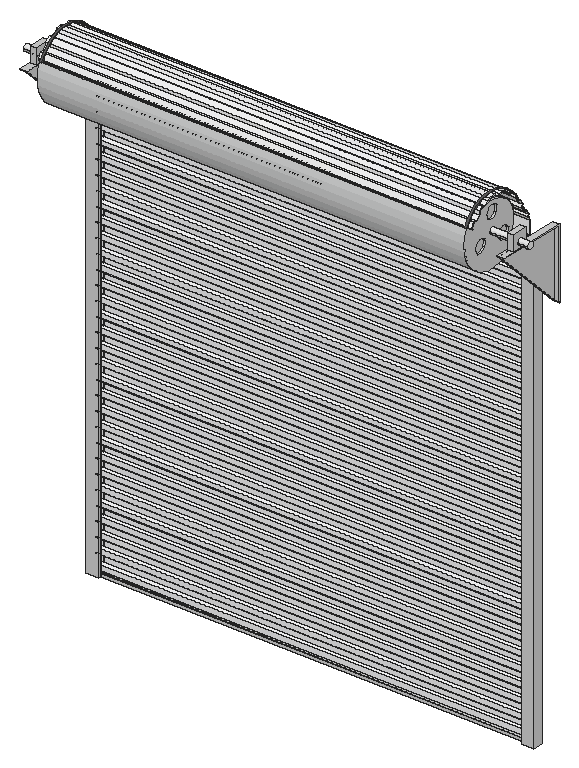
Revit family "Doors_Industrial_Wayne-Dalton_Roll-Up-Sheet-Doors-Model-780-CD_", category Specialty Equipment, host Wall, Revit 2019
Family settings
  Host = Wall
  Round Connector Dimension = Use Diameter
  Part Type = Normal
  OmniClass Number = 23.30.10.21.34
  OmniClass Title = Industrial Doors
  Always vertical = Yes
  Cut with Voids When Loaded = No
  Shared = No
  Room Calculation Point = No
Parameters (values of type "‏​Manual push-up")
  True Opening Width [instance] = Clear Width  # 100"
  True Opening Height [instance] = Clear Height  # 100"
  Slat Height = 3 91/256" * 3  # 10 17/256"
  Product Page URL = "https://www.wayne-dalton.com/roll-up-sheet-door-780cd"
  Slat Length [instance] = [Opening Width (Real)] + 1/4" * 2 + 1 77/256" * 2  # 103 13/128"
  Opening Width [instance] = 100"
  Opening Height [instance] = 100"
  Min Opening Width [instance] = 96"  # constant formula
  Min Opening Height [instance] = 96"  # constant formula
  Max Opening Width [instance] = 192"  # constant formula
  Max Opening Height [instance] = 192"  # constant formula
  Headroom Height [instance] = 22"  # constant formula
  Opening Width (Real) [instance] = if(Opening Width < Min Opening Width, Min Opening Width, if(Opening Width > Max Opening Width, Max Opening Width, Opening Width))  # 100"
  Opening Height (Real) [instance] = if(Opening Height < Min Opening Height, Min Opening Height, if(Opening Height > Max Opening Height, Max Opening Height, Opening Height))  # 100"
  URL = "https://www.wayne-dalton.com/"
  Product data url = "https://www.bimobject.com/wayne-dalton/product/roll-up-sheet-door-780cd"
  Product Guid = "43a41605-6605-48ef-871c-127e65c06177"
  Model = "780CD"  # constant formula
  Manufacturer = "Wayne Dalton"  # constant formula
  Wall Closure = By host
  Floor To (CL) of Shaft [instance] = [Opening Height (Real)] + 13 95/128"  # 113 95/128"
  Finish Material = Metal - Wayne Dalton - Galvanized Steel
  Description = "MODEL 780CD COMMERCIAL ROLLING SHEET DOOR"  # constant formula
  Curtain Material [instance] = Steel - Wayne Dalton - White
  Connection Offset [instance] = [Floor To (CL) of Shaft] - Array Length - 1 3/16" + 1/256"  # 11 229/256"
  Clear Width [instance] = [Opening Width (Real)]  # 100"
  Clear Height [instance] = [Opening Height (Real)]  # 100"
  Chain Hoist = no
  Backroom Depth [instance] = 20"  # constant formula
  Array Length [instance] = (Array) * Slat Height  # 100 85/128"
  Array [instance] = rounddown(([Opening Height (Real)] - 1 3/16" + 11 145/256") / Slat Height)  # 10
Types (2): name | Chain Hoist
  ‏​Manual push-up | no
  Chain Hoist | yes
Reference planes (in)
  plane 1 "Center (Front/Back)": y = 0
  plane 2 "Center (Left/Right)": x = 0
  plane 3 "Left": x = -50
  plane 4 "Right": x = 50
  plane 5 "Exterior": y = 1.5
  plane 6 "Interior": y = -4.5
  plane 7: x = 50
  plane 8: x = -50
  plane 9: z = 100
  plane 10 "Top": z = 122
  plane 11 "Main": y = -5.75
  plane 12: y = -24.5
  plane 13 "Main Door Block": y = -4.5
  plane 14: z = 47.47
  plane 15 "Bottom Bar": z = 1.1875
  plane 16: x = 52.5
  plane 17: x = -52.5
  plane 18: y = -5.253
  plane 19: y = -6.048
  plane 20: z = 101.85156
  plane 21: z = 113.74219
  plane 22: z = 11.25391
Lines and regions (in)
  Opening 1
    outline origin (-90, -4.5, 0) x (1, 0, 0) y (0, 0, 1)
      loop
        line (40, 0) -> (140, 0) -> (140, 100) -> (40, 100) -> (40, 0)
Text (in)
  text "Exterior" at (-74.96733, 27.31104, 0), in view "Ref. Level"
  text "Interior" at (-74.96733, -25.14366, 0), in view "Ref. Level"
  text "Exterior" at (0, 40.15149, 123.01588), in view "Right"
  text "Interior" at (0, -64.39139, 123.01588), in view "Right"
  text "Interior" at (0, -31.01599, 123.00693), in view "Left"
  text "Exterior" at (0, 54.57065, 123.00693), in view "Left"
Dimensions and locks (in)
  equal spacing: plane 3 "Left", plane 2 "Center (Left/Right)", plane 4 "Right"
  level to host wall = 459.59655"
  "Opening Height (Real)": level to plane 9
  plane 8 to plane 2 "Center (Left/Right)" to plane 7 = 50", 50"
  "Headroom Height": plane 9 to plane 10 "Top"
  locked: plane 13 "Main Door Block" to plane 11 "Main" at 1.25
  locked: plane 1 "Center (Front/Back)" to plane 6 "Interior" at 4.5
  locked: plane 8 to plane 17 at 2.5
  locked: plane 16 to plane 7 at 2.5
  locked: plane 5 "Exterior" to plane 1 "Center (Front/Back)" at 1.5
  equal spacing: plane 7, plane 2 "Center (Left/Right)", plane 8
  locked: plane 18 to plane 11 "Main" at 0.497
  "Opening Width (Real)": plane 7 to plane 8
  "Backroom Depth": plane 12 to plane 6 "Interior"
  locked: plane 11 "Main" to plane 19 at 0.298
  plane 19 to plane 11 "Main" = 0.298"
  locked: plane 15 "Bottom Bar" to level at 1.1875
  "Array Length": plane 20 to plane 15 "Bottom Bar"
  "Floor To (CL) of Shaft": plane 21 to level
  "Slat Height": plane 22 to plane 15 "Bottom Bar"
  equal spacing: group 1, group 2, group 3, group 4, group 5, group 6, group 7, group 8, group 9, group 10  (x3)
  plane 21 to plane 9 = 13 95/128"
  locked: plane 12 to nested 3 at 8.418
  locked: plane 12 to nested 13 at 8.257
  aligned and locked: Opening 1 sketch curve to level
  aligned and locked: plane 5 "Exterior" to host wall
  aligned and locked: host wall to plane 6 "Interior"
  aligned and locked: plane 8 to Opening 1 sketch curve
  aligned and locked: plane 7 to Opening 1 sketch curve
  aligned and locked: Opening 1 sketch curve to plane 9
  aligned and locked: plane 13 "Main Door Block" to plane 6 "Interior"
  aligned and locked: plane 21 to nested 3
  aligned and locked: plane 2 "Center (Left/Right)" to nested 3
  aligned and locked: plane 15 "Bottom Bar" to nested 2
  aligned and locked: plane 22 to nested 4
  aligned and locked: plane 19 to nested 2
  aligned and locked: plane 19 to nested 4
  aligned and locked: plane 2 "Center (Left/Right)" to nested 2
  aligned and locked: plane 2 "Center (Left/Right)" to nested 4
  aligned and locked: nested 1 to plane 6 "Interior"
  aligned and locked: level to nested 1
  aligned and locked: nested 1 to plane 2 "Center (Left/Right)"
  aligned and locked: plane 7 to nested 13
  aligned and locked: plane 21 to nested 13
Nested families (in)
  nested 1: "Lifts" at (0, -4.5, 0) x (-1, 0, 0) z (0, 0, 1), type "Frame Unit"
  nested 2: "Slat" at (0, -6.048, 1.1875), type "Slat"
  nested 3: "Top Slat" at (0, -16.082, 113.74219), type "Top Slat"
  nested 4: "Slat" at (0, -6.048, 11.25391), type "Slat"
  nested 5: "Slat" at (0, -6.048, 21.32031), type "Slat"
  nested 6: "Slat" at (0, -6.048, 31.38672), type "Slat"
  nested 7: "Slat" at (0, -6.048, 41.45313), type "Slat"
  nested 8: "Slat" at (0, -6.048, 51.51953), type "Slat"
  nested 9: "Slat" at (0, -6.048, 61.58594), type "Slat"
  nested 10: "Slat" at (0, -6.048, 71.65234), type "Slat"
  nested 11: "Slat" at (0, -6.048, 81.71875), type "Slat"
  nested 12: "Slat" at (0, -6.048, 91.78516), type "Slat"
  nested 13: "Operator" at (50, -16.243, 113.74219), type "Family1"
Definition of nested family "Lifts"
  Parameters (values of type "Frame Unit")
    Shaft Radius = 3/4"  # constant formula
    Shaft Material = none
    Setback = 1/4"  # constant formula
    Right Shaft Offset = 10"
    Resin Support Outter Radius = 8.257"  # constant formula
    Resin Support Inner Radius = 8.187"  # constant formula
    Resin Stopper Radius = 1 1/2"  # constant formula
    Resin Elements Material = none
    Opening Width = 100"
    Resin Muft Offset = 2.141"  # constant formula
    Muft Outter Radius = 8.257"  # constant formula
    Muft Inner Radius = 6 3/8"  # constant formula
    Left Shaft Offset = 10"
    J Offset = 11.743"  # constant formula
    Headroom Height = 22"
    Header Width = 20"
    H = 12.243"  # constant formula
    Guide Width R Real = Guid Width + Setback  # 3 1/4"
    Guide Width L Real = Guid Width + Setback  # 3 1/4"
    Guid Width = 3"  # constant formula
    Opening Height = 100"
    Floor To (CL) of Shaft = Opening Height + 13.742"  # 113.742"
    Finish Material = none
    Analytic Construction = "<None>"
  Reference planes (in)
    plane 1 "Center (Front/Back)": y = 0
    plane 2: z = 0
    plane 3 "Center (Left/Right)": x = 0
    plane 4 "Left": x = -50
    plane 5 "Right": x = 50
    plane 6 "Opening Height": z = 100
    plane 7: x = -60
    plane 8: x = 60
    plane 9: z = 122
    plane 10: y = 20
    plane 11: x = -25
    plane 12: x = 25
    plane 13: z = 113.742
    plane 14: y = 11.743
    plane 15: x = -51.55
    plane 16: x = 51.55
    plane 17: x = 53.25
    plane 18: x = -53.25
    plane 19: z = 112.243
    plane 20: x = 57
    plane 21: x = 50.75
    plane 22: x = -50.75
  Forms (in)
    Extrusion 1, solid, material <- "Finish Material"
      sketch origin (0, 0, 0) x (1, 0, 0) y (0, 1, 0)
        loop
          line (-53.25, 0) -> (-50.375, 0)
          arc (-50.375, 0) -> (-50.28661, 0.03661) -> (-50.25, 0.125) r 0.125
          line (-50.25, 0.125) -> (-50.25, 0.625)
          arc (-50.25, 0.625) -> (-50.26831, 0.66919) -> (-50.3125, 0.6875) r 0.0625
          line (-50.3125, 0.6875) -> (-51.55, 0.6875) -> (-51.55, 1.78125) -> (-50.325, 1.78125)
          arc (-50.325, 1.78125) -> (-50.27197, 1.80322) -> (-50.25, 1.85625) r 0.075
          line (-50.25, 1.85625) -> (-50.25, 2.21875)
          arc (-50.25, 2.21875) -> (-50.28661, 2.30714) -> (-50.375, 2.34375) r 0.125
          line (-50.375, 2.34375) -> (-53.25, 2.34375) -> (-53.25, 0)
        loop
          line (53.25, 0) -> (53.25, 2.34375) -> (50.3625, 2.34375)
          arc (50.3625, 2.34375) -> (50.28295, 2.3108) -> (50.25, 2.23125) r 0.1125
          line (50.25, 2.23125) -> (50.25, 1.85625)
          arc (50.25, 1.85625) -> (50.27197, 1.80322) -> (50.325, 1.78125) r 0.075
          line (50.325, 1.78125) -> (51.55, 1.78125) -> (51.55, 0.6875) -> (50.3125, 0.6875)
          arc (50.3125, 0.6875) -> (50.26831, 0.66919) -> (50.25, 0.625) r 0.0625
          line (50.25, 0.625) -> (50.25, 0.125)
          arc (50.25, 0.125) -> (50.28661, 0.03661) -> (50.375, 0) r 0.125
          line (50.375, 0) -> (53.25, 0)
      from 100 to 0
    Extrusion 2, solid, material <- "Finish Material"
      sketch origin (0, 0, 0) x (0, 1, 0) y (0, 0, 1)
        loop
          line (2.0625, 1) -> (2.0625, 1.1875) -> (1.45087, 1.1875) -> (1.45087, 2.125) -> (-0.15187, 2.125) -> (-0.3125, 1.96437) -> (-0.3125, 1.34813) -> (-0.15187, 1.1875) -> (0, 1.1875) -> (0, 1) -> (2.0625, 1)
      from -51.55 to 51.55
    Extrusion 3, solid, material <- "Finish Material"
      sketch origin (0, 0, 0) x (0, 1, 0) y (0, 0, 1)
        loop
          line (0.73437, 1) -> (0.73437, 0) -> (1.73437, 0) -> (1.73437, 1) -> (0.73437, 1)
      from -51.55 to 51.55
    Extrusion 4, solid, material <- "Shaft Material"
      sketch origin (0, 0, 0) x (0, 1, 0) y (0, 0, 1)
        loop
          circle (11.743, 113.742) r 0.75
      from -60 to 60
    Extrusion 5, solid, material <- "Finish Material"
      sketch origin (-53.25, 0, 100) x (0, 0, 1) y (0, -1, 0)
        loop
          line (12.243, -13.568) -> (15.893, -13.568) -> (15.893, -9.918) -> (12.243, -9.918) -> (12.243, 0) -> (-4.5, 0) -> (12.243, -16.743) -> (12.243, -13.568)
      from -4.25 to -2.75
    Extrusion 6, solid, material <- "Finish Material"
      sketch origin (53.25, 0, 100) x (0, 0, 1) y (0, -1, 0)
        loop
          line (12.243, -13.568) -> (15.893, -13.568) -> (15.893, -9.918) -> (12.243, -9.918) -> (12.243, 0) -> (-4.5, 0) -> (12.243, -16.743) -> (12.243, -13.568)
      from 4.25 to 2.75
    Extrusion 7, void
      sketch origin (0, 0, 0) x (1, 0, 0) y (0, 1, 0)
        loop
          line (50, -0.3125) -> (51.55, -0.3125) -> (51.55, 0.125) -> (50, 0.125) -> (50, -0.3125)
        loop
          line (-50, -0.3125) -> (-50, 0.125) -> (-51.55, 0.125) -> (-51.55, -0.3125) -> (-50, -0.3125)
      from 0 to 2.125
    Extrusion 8, solid, material <- "Finish Material"
      sketch origin (0, 11.743, 113.742) x (0, 0.906308, 0.422618) y (0, -0.422618, 0.906308)
        loop
          arc (6.375, 0) -> (0, 6.375) -> (-6.375, 0) r 6.375
          line (-6.375, 0) -> (-8.257, 0)
          arc (-8.257, 0) -> (0, -8.257) -> (8.257, 0) r 8.257
          line (8.257, 0) -> (6.375, 0)
        loop
          circle (1.658, 3.5556) r 1.625
        loop
          circle (2.25024, -3.21367) r 1.625
        loop
          circle (-3.90824, -0.34193) r 1.625
      from 50.75 to -50.75
    Extrusion 9, solid, material <- "Finish Material"
      sketch origin (0, 0, 0) x (0, 1, 0) y (0, 0, 1)
        loop
          circle (11.743, 113.742) r 6.375
      from -50 to 50
    Extrusion 10, void
      sketch origin (53.25, 0, 100) x (0, 0, 1) y (-1, 0, 0)
        loop
          line (11.963, -3.03) -> (-4.5, -3.03) -> (-4.5, -4.25) -> (11.963, -4.25) -> (11.963, -3.03)
        loop
          line (15.893, -4.25) -> (15.893, -4.1749) -> (12.243, -4.1749) -> (12.243, -4.25) -> (15.893, -4.25)
        loop
          line (15.893, -2.75) -> (12.243, -2.75) -> (12.243, -2.8251) -> (15.893, -2.8251) -> (15.893, -2.75)
      from -0.28 to -16.743
    Extrusion 11, void
      sketch origin (-53.25, 0, 100) x (0, 0, -1) y (-1, 0, 0)
        loop
          line (-11.963, 3.03) -> (4.5, 3.03) -> (4.5, 4.25) -> (-11.963, 4.25) -> (-11.963, 3.03)
        loop
          line (-15.893, 4.25) -> (-15.893, 4.1749) -> (-12.243, 4.1749) -> (-12.243, 4.25) -> (-15.893, 4.25)
        loop
          line (-15.893, 2.75) -> (-12.243, 2.75) -> (-12.243, 2.8251) -> (-15.893, 2.8251) -> (-15.893, 2.75)
      from 0.28 to 16.743
    Sweep 12, solid, material <- "Resin Elements Material"
      path origin (0, 0, 0) x (0, 1, 0) y (0, 0, 1)
        loop
          line (0.6875, 0) -> (0.6875, 111.601) -> (4.73157, 118.10295)
          arc (4.73157, 118.10295) -> (12.2385, 121.98412) -> (19.22638, 117.23156) r 8.257
      profile origin (0, 0.6875, 55.8005) x (0, -1, 0) y (1, 0, 0)
        loop
          line (0, 50.25) -> (0, 50.75) -> (-0.07, 50.75) -> (-0.07, 50.25) -> (0, 50.25)
        loop
          line (0, -50.25) -> (-0.07, -50.25) -> (-0.07, -50.75) -> (0, -50.75) -> (0, -50.25)
  Cuts and joins
    Extrusion 11 cuts Extrusion 5
    Extrusion 10 cuts Extrusion 6
    joined: Extrusion 5, Extrusion 6
    Extrusion 7 cuts Extrusion 2
  Lines and regions (in)
    Masking region 1
      outline origin (0, 0, 0) x (1, 0, 0) y (0, 1, 0)
        loop
          line (-51.55, 2.34375) -> (-53.25, 2.34375) -> (-53.25, 0) -> (-51.55, 0) -> (-51.55, 2.34375)
        loop
          line (51.55, 2.34375) -> (51.55, 0) -> (53.25, 0) -> (53.25, 2.34375) -> (51.55, 2.34375)
    Masking region 2
      outline origin (0, 0, 0) x (1, 0, 0) y (0, 1, 0)
        loop
          line (60, 10.993) -> (60, 12.493) -> (57.4249, 12.493) -> (57.4249, 13.568) -> (56.0751, 13.568) -> (56.0751, 12.493) -> (51.55, 12.493) -> (51.55, 10.993) -> (56.0751, 10.993) -> (56.0751, 9.918) -> (57.4249, 9.918) -> (57.4249, 10.993) -> (60, 10.993)
        loop
          line (-60, 10.993) -> (-57.4249, 10.993) -> (-57.4249, 9.918) -> (-56.0751, 9.918) -> (-56.0751, 10.993) -> (-51.55, 10.993) -> (-51.55, 12.493) -> (-56.0751, 12.493) -> (-56.0751, 13.568) -> (-57.4249, 13.568) -> (-57.4249, 12.493) -> (-60, 12.493) -> (-60, 10.993)
    Masking region 3
      outline origin (0, 0, 0) x (1, 0, 0) y (0, 1, 0)
        loop
          line (-56, 0) -> (-56, 16.743) -> (-57.5, 16.743) -> (-57.5, 0) -> (-56, 0)
        loop
          line (56, 16.743) -> (56, 0) -> (57.5, 0) -> (57.5, 16.743) -> (56, 16.743)
    Masking region 4
      outline origin (0, 0, 0) x (1, 0, 0) y (0, 1, 0)
        loop
          line (-53.25, 2.34375) -> (-53.25, 0) -> (-50.375, 0)
          arc (-50.375, 0) -> (-50.28661, 0.03661) -> (-50.25, 0.125) r 0.125
          line (-50.25, 0.125) -> (-50.25, 0.625)
          arc (-50.25, 0.625) -> (-50.26831, 0.66919) -> (-50.3125, 0.6875) r 0.0625
          line (-50.3125, 0.6875) -> (-51.55, 0.6875) -> (-51.55, 1.78125) -> (-50.75, 1.78125) -> (-50.75, 2.34375) -> (-53.25, 2.34375)
        loop
          line (53.25, 2.34375) -> (50.75, 2.34375) -> (50.75, 1.78125) -> (51.55, 1.78125) -> (51.55, 0.6875) -> (50.3125, 0.6875)
          arc (50.3125, 0.6875) -> (50.26831, 0.66919) -> (50.25, 0.625) r 0.0625
          line (50.25, 0.625) -> (50.25, 0.125)
          arc (50.25, 0.125) -> (50.28661, 0.03661) -> (50.375, 0) r 0.125
          line (50.375, 0) -> (53.25, 0) -> (53.25, 2.34375)
    Masking region 5
      outline origin (0, 0, 0) x (1, 0, 0) y (0, 1, 0)
        loop
          line (-50.75, 19.22638) -> (-50.75, 0.6875) -> (-50.25, 0.6875) -> (-50.25, 19.22638) -> (-50.75, 19.22638)
        loop
          line (50.25, 0.6875) -> (50.75, 0.6875) -> (50.75, 19.22638) -> (50.25, 19.22638) -> (50.25, 0.6875)
    reference lines
      curve 1: line (53.25, 0, 100) -> (53.25, 0, 109.583)
      curve 2: line (-53.25, 0, 100) -> (-53.25, 0, 109.583)
      curve 3: line (0, 11.743, 113.742) -> (0, 20, 117.5923)
    symbolic lines
      curve 4: line (56.0751, 9.918, 0) -> (56.0751, 13.568, 0)
      curve 5: line (57.4249, 13.568, 0) -> (57.4249, 9.918, 0)
      curve 6: line (-57.4249, 9.918, 0) -> (-57.4249, 13.568, 0)
      curve 7: line (-56.0751, 13.568, 0) -> (-56.0751, 9.918, 0)
  Dimensions and locks (in)
    equal spacing: plane 4 "Left", plane 3 "Center (Left/Right)", plane 5 "Right"
    "Opening Width": plane 4 "Left" to plane 5 "Right"
    "Opening Height": plane 6 "Opening Height" to level
    "Guide Width L Real": Extrusion 1 sketch curve to plane 4 "Left"
    locked: Extrusion 1 sketch curve to Extrusion 1 sketch curve at 2.34375
    "Headroom Height": plane 9 to plane 6 "Opening Height"
    plane 10 to plane 1 "Center (Front/Back)" = 20"
    "Header Width": plane 10 to plane 1 "Center (Front/Back)"
    locked: Extrusion 1 sketch curve to Extrusion 1 sketch curve at 0.5625
    locked: Extrusion 1 sketch curve to Extrusion 1 sketch curve at 0.6875
    locked: Extrusion 3 sketch curve to level at 1
    locked: Extrusion 2 sketch curve to level at 2.125
    locked: Extrusion 2 sketch curve to level at 1.1875
    locked: Extrusion 2 sketch curve to Extrusion 2 sketch curve at 1.125
    locked: Extrusion 2 sketch curve to Extrusion 2 sketch curve at 0.16063  (x2)
    locked: Extrusion 7 sketch curve to plane 1 "Center (Front/Back)" at 0.3125  (x2)
    locked: plane 1 "Center (Front/Back)" to Extrusion 7 sketch curve at 0.125
    equal spacing: plane 4 "Left", plane 11, plane 3 "Center (Left/Right)"
    equal spacing: plane 5 "Right", plane 12, plane 3 "Center (Left/Right)"
    "Floor To (CL) of Shaft": plane 13 to plane 2
    "J Offset": plane 14 to plane 1 "Center (Front/Back)"
    locked: curve 1 to curve 1 at 9.583
    locked: curve 2 to curve 2 at 9.583
    "Setback": Extrusion 1 sketch curve to plane 4 "Left"
    locked: Extrusion 1 sketch curve to Extrusion 1 sketch curve at 1.3  (x2)
    "Setback": plane 5 "Right" to Extrusion 1 sketch curve
    "Guide Width R Real": plane 5 "Right" to Extrusion 1 sketch curve
    locked: plane 15 to plane 4 "Left" at 1.55
    locked: plane 5 "Right" to plane 16 at 1.55
    "Guide Width R Real": plane 5 "Right" to plane 17
    "Guide Width L Real": plane 18 to plane 4 "Left"
    "Left Shaft Offset": plane 7 to plane 4 "Left"
    "Right Shaft Offset": plane 5 "Right" to plane 8
    locked: plane 1 "Center (Front/Back)" to Extrusion 3 sketch curve at 0.73437
    locked: Extrusion 3 sketch curve to Extrusion 3 sketch curve at 1
    "H": plane 19 to plane 6 "Opening Height"
    plane 5 "Right" to plane 20 = 7"
    locked: plane 5 "Right" to plane 21 at 0.75
    locked: plane 22 to plane 4 "Left" at 0.75
    locked: plane 14 to Extrusion 6 sketch curve at 5
    locked: plane 14 to Extrusion 5 sketch curve at 5
    equal spacing: Extrusion 6 sketch curve, plane 14, Extrusion 6 sketch curve
    locked: Extrusion 6 sketch curve to plane 14 at 1.825
    locked: Extrusion 6 sketch curve to plane 13 at 2.151
    equal spacing: Extrusion 5 sketch curve, plane 14, Extrusion 5 sketch curve
    locked: Extrusion 5 sketch curve to plane 14 at 1.825
    locked: Extrusion 5 sketch curve to plane 13 at 2.151
    locked: plane 1 "Center (Front/Back)" to Sweep 12 sketch curve at 0.6875
    locked: Sweep 12 sketch curve to Sweep 12 sketch curve at 0.07
    "Resin Muft Offset": plane 13 to Sweep 12 sketch curve
    "Setback": plane 5 "Right" to Sweep 12 sketch curve
    "Setback": Sweep 12 sketch curve to plane 4 "Left"
    equal spacing: Masking region 2 sketch curve, plane 14, Masking region 2 sketch curve
    "Shaft Radius": Masking region 2 sketch curve to plane 14
    radius of Extrusion 1 sketch curve = 1/16"  (x2)
    radius of Extrusion 1 sketch curve = 1/8"  (x3)
    radius of Extrusion 1 sketch curve = 0.075"  (x2)
    radius of Extrusion 1 sketch curve = 0.1125"
    "Shaft Radius": radius of Extrusion 4 sketch curve
    "Muft Inner Radius": radius of Extrusion 8 sketch curve
    "Muft Outter Radius": radius of Extrusion 8 sketch curve
    "Muft Inner Radius": radius of Extrusion 9 sketch curve
    "Resin Support Outter Radius": radius of Sweep 12 sketch curve
    locked: plane 13 to curve 3 (angle 25.00°)
    locked: Extrusion 6 sketch curve to Extrusion 6 sketch curve (angle 45.00°)
    locked: plane 19 to Extrusion 5 sketch curve (angle 45.00°)
    aligned and locked: plane 2 to level
    aligned and locked: plane 1 "Center (Front/Back)" to Extrusion 1 sketch curve
    aligned and locked: Extrusion 1 sketch curve to plane 1 "Center (Front/Back)"
    aligned and locked: Extrusion 1 sketch curve to Extrusion 1 sketch curve  (x5)
    aligned and locked: plane 7 to Extrusion 4
    aligned and locked: Extrusion 4 to plane 8
    aligned and locked: plane 6 "Opening Height" to Extrusion 1
    aligned and locked: Extrusion 3 sketch curve to level
    aligned and locked: Extrusion 2 sketch curve to Extrusion 2 sketch curve
    aligned and locked: Extrusion 7 sketch curve to plane 5 "Right"
    aligned and locked: Extrusion 7 sketch curve to plane 4 "Left"
    aligned and locked: Extrusion 7 sketch curve to Extrusion 7 sketch curve
    aligned and locked: plane 13 to Extrusion 4 sketch curve
    aligned and locked: plane 14 to Extrusion 4 sketch curve
    aligned and locked: plane 6 "Opening Height" to curve 1
    aligned and locked: plane 6 "Opening Height" to curve 2
    aligned and locked: Extrusion 7 sketch curve to plane 15
    aligned and locked: plane 15 to Extrusion 3
    aligned and locked: plane 15 to cut or joined group of Extrusion 2, Extrusion 7
    aligned and locked: Extrusion 3 to plane 16
    aligned and locked: cut or joined group of Extrusion 2, Extrusion 7 to plane 16
    aligned and locked: Extrusion 7 sketch curve to plane 16
    aligned and locked: curve 1 to plane 17
    aligned and locked: curve 2 to plane 18
    aligned and locked: Extrusion 1 to Masking region 1 sketch curve  (x2)
    aligned and locked: Masking region 1 sketch curve to Extrusion 1  (x4)
    aligned and locked: plane 14 to Extrusion 8 sketch curve
    aligned and locked: plane 13 to Extrusion 8 sketch curve
    aligned and locked: plane 14 to curve 3
    aligned and locked: plane 10 to curve 3
    aligned and locked: curve 3 to Extrusion 8 sketch curve
    aligned and locked: Extrusion 8 sketch curve to curve 3
    aligned and locked: plane 14 to Extrusion 9 sketch curve
    aligned and locked: plane 13 to Extrusion 9 sketch curve
    aligned and locked: Extrusion 8 to plane 21
    aligned and locked: Extrusion 9 to plane 5 "Right"
    aligned and locked: Extrusion 8 to plane 22
    aligned and locked: plane 4 "Left" to Extrusion 9
    aligned and locked: Extrusion 6 sketch curve to plane 19  (x2)
    aligned and locked: plane 1 "Center (Front/Back)" to Extrusion 6 sketch curve
    aligned and locked: Extrusion 5 sketch curve to plane 19  (x2)
    aligned and locked: plane 1 "Center (Front/Back)" to Extrusion 5 sketch curve
    aligned and locked: level to Sweep 12 sketch curve
    aligned and locked: Sweep 12 sketch curve to profile plane
    aligned and locked: Sweep 12 sketch curve to plane 21
    aligned and locked: Sweep 12 sketch curve to Sweep 12 sketch curve  (x2)
    aligned and locked: Sweep 12 sketch curve to plane 22
    aligned and locked: plane 13 to Sweep 12 sketch curve
    aligned and locked: plane 14 to Sweep 12 sketch curve
    aligned and locked: curve 3 to Sweep 12 sketch curve
    aligned and locked: Masking region 2 sketch curve to plane 8
    aligned and locked: cut or joined group of Extrusion 5, Extrusion 6, Extrusion 10, Extrusion 11 to Masking region 2 sketch curve  (x4)
    aligned and locked: Masking region 2 sketch curve to cut or joined group of Extrusion 5, Extrusion 6, Extrusion 10, Extrusion 11  (x8)
    aligned and locked: Masking region 2 sketch curve to plane 7
    aligned and locked: Masking region 2 sketch curve to Masking region 2 sketch curve  (x6)
    aligned and locked: Masking region 3 sketch curve to cut or joined group of Extrusion 5, Extrusion 6, Extrusion 10, Extrusion 11  (x8)
    aligned and locked: curve 4 to cut or joined group of Extrusion 5, Extrusion 6, Extrusion 10, Extrusion 11  (x2)
    aligned and locked: curve 5 to cut or joined group of Extrusion 5, Extrusion 6, Extrusion 10, Extrusion 11  (x2)
    aligned and locked: cut or joined group of Extrusion 5, Extrusion 6, Extrusion 10, Extrusion 11 to curve 5
    aligned and locked: cut or joined group of Extrusion 5, Extrusion 6, Extrusion 10, Extrusion 11 to curve 4
    aligned and locked: curve 6 to cut or joined group of Extrusion 5, Extrusion 6, Extrusion 10, Extrusion 11  (x2)
    aligned and locked: curve 7 to cut or joined group of Extrusion 5, Extrusion 6, Extrusion 10, Extrusion 11  (x2)
    aligned and locked: cut or joined group of Extrusion 5, Extrusion 6, Extrusion 10, Extrusion 11 to curve 6
    aligned and locked: cut or joined group of Extrusion 5, Extrusion 6, Extrusion 10, Extrusion 11 to curve 7
    aligned and locked: Masking region 4 sketch curve to Extrusion 1  (x12)
    aligned and locked: Extrusion 1 to Masking region 4 sketch curve  (x2)
    aligned and locked: Sweep 12 to Masking region 4 sketch curve  (x2)
    aligned and locked: Masking region 5 sketch curve to Sweep 12  (x8)
    aligned and locked: Masking region 2 sketch curve to plane 15
    aligned and locked: Masking region 2 sketch curve to plane 16
  Automatic sketch dimensions
    Extrusion 2 sketch curve to plane 1 "Center (Front/Back)" = 0"
    plane 1 "Center (Front/Back)" to Extrusion 2 sketch curve = 0.15187"  (x2)
    Extrusion 2 sketch curve to Extrusion 2 sketch curve = 0.16063"
    Extrusion 2 sketch curve to plane 1 "Center (Front/Back)" = 1.45088"
    Extrusion 2 sketch curve to Extrusion 2 sketch curve = 0.61162"
    plane 1 "Center (Front/Back)" to Masking region 1 sketch curve = 0"
    Masking region 1 sketch curve to plane 1 "Center (Front/Back)" = 2 11/32"
    curve 3 to plane 13 = 0"
    curve 2 to Extrusion 11 sketch curve = 2.8251"
    Extrusion 11 sketch curve to curve 2 = 6.31"
    Extrusion 11 sketch curve to Extrusion 11 sketch curve = 0"  (x2)
    Extrusion 11 sketch curve to curve 2 = 2.66"
    Extrusion 11 sketch curve to Extrusion 11 sketch curve = 0.28"
    curve 2 to Extrusion 11 sketch curve = 4 1/2"
    Extrusion 11 sketch curve to Extrusion 11 sketch curve = 0.0751"  (x2)
    curve 2 to Extrusion 11 sketch curve = 3.03"
    Extrusion 11 sketch curve to Extrusion 11 sketch curve = 1.1449"
    Extrusion 11 sketch curve to Extrusion 11 sketch curve = 1.22"
    Extrusion 10 sketch curve to curve 1 = 4 1/2"
    curve 1 to Extrusion 10 sketch curve = 2.38"
    Extrusion 10 sketch curve to Extrusion 10 sketch curve = 0.28"  (x2)
    Extrusion 10 sketch curve to Extrusion 10 sketch curve = 3.65"
    Extrusion 10 sketch curve to Extrusion 10 sketch curve = 0"  (x2)
    curve 1 to Extrusion 10 sketch curve = 4 1/4"
    Extrusion 10 sketch curve to Extrusion 10 sketch curve = 0.0751"  (x2)
    Extrusion 10 sketch curve to Extrusion 10 sketch curve = 1.1449"
    Extrusion 10 sketch curve to Extrusion 10 sketch curve = 1.34981"
    Extrusion 8 sketch curve to Extrusion 8 sketch curve = 0"
    curve 3 to Extrusion 8 sketch curve = 0.34193"
    Extrusion 8 sketch curve to Extrusion 8 sketch curve = 2.46676"
    curve 3 to Extrusion 8 sketch curve = 1.658"
    curve 3 to Extrusion 8 sketch curve = 2.25024"
    Extrusion 8 sketch curve to curve 3 = 3.21367"
    curve 3 to Extrusion 8 sketch curve = 3.5556"
    radius of Extrusion 8 sketch curve = 1 5/8"  (x3)
Definition of nested family "Slat"
  Parameters (values of type "Slat")
    Slat Height = 3.354" * 3  # 10.062"
    Panel Material = none
    Opening Width = 103 13/128"
    Default Elevation = 48"
  Reference planes (in)
    plane 1 "Center (Front/Back)": y = 0
    plane 2: z = 0
    plane 3 "Center (Left/Right)": x = 0
    plane 4: z = 10.062
    plane 5: x = -51.55078
    plane 6: x = 51.55078
  Forms (in)
    Extrusion 1, solid, material <- "Panel Material"
      sketch origin (0, 0, 0) x (0, 1, 0) y (0, 0, 1)
        loop
          line (0.5962, 1.67027) -> (0.5962, 2.9709) -> (0.04, 3.375) -> (0.04, 4.62025) -> (0.5962, 5.02435) -> (0.5962, 6.32497) -> (0.04, 6.72907) -> (0.04, 7.97432) -> (0.5962, 8.37842) -> (0.5962, 9.67905) -> (0.04, 10.08315) -> (0, 10.06222) -> (0.5562, 9.65812) -> (0.5562, 8.3988) -> (0, 7.9947) -> (0, 6.70815) -> (0.5562, 6.30405) -> (0.5562, 5.04473) -> (0, 4.64063) -> (0, 3.35407) -> (0.5562, 2.94997) -> (0.5562, 1.69065) -> (0, 1.28655) -> (0, 0) -> (0.04, 0) -> (0.04, 1.26617) -> (0.5962, 1.67027)
      from -51.55078 to 51.55078
  Dimensions and locks (in)
    "Slat Height": plane 4 to plane 2
    equal spacing: plane 5, plane 3 "Center (Left/Right)", plane 6
    "Opening Width": plane 5 to plane 6
    aligned and locked: plane 2 to level
    aligned and locked: plane 5 to Extrusion 1
    aligned and locked: plane 6 to Extrusion 1
  Automatic sketch dimensions
    Extrusion 1 sketch curve to plane 1 "Center (Front/Back)" = 0"  (x4)
    Extrusion 1 sketch curve to level = 0"
    Extrusion 1 sketch curve to plane 1 "Center (Front/Back)" = 0.04"  (x3)
    Extrusion 1 sketch curve to Extrusion 1 sketch curve = 0.04"  (x4)
    Extrusion 1 sketch curve to plane 1 "Center (Front/Back)" = 0.5562"  (x3)
    level to Extrusion 1 sketch curve = 1.26617"
    Extrusion 1 sketch curve to Extrusion 1 sketch curve = 0.02038"  (x6)
    Extrusion 1 sketch curve to Extrusion 1 sketch curve = 0.4041"  (x5)
    Extrusion 1 sketch curve to Extrusion 1 sketch curve = 1.25932"  (x2)
    Extrusion 1 sketch curve to Extrusion 1 sketch curve = 0.02093"  (x5)
    Extrusion 1 sketch curve to Extrusion 1 sketch curve = 1.24525"
    Extrusion 1 sketch curve to Extrusion 1 sketch curve = 1.26617"
    Extrusion 1 sketch curve to plane 4 = 0.40388"
    plane 4 to Extrusion 1 sketch curve = 0.00022"
    plane 4 to Extrusion 1 sketch curve = 0.02115"
Definition of nested family "Top Slat"
  Parameters (values of type "Top Slat")
    Slat Height = 3.354"  # constant formula
    Primar Offset = 11 229/256"
    Panel Material = none
    Opening Width = 103 13/128"
    Offset 2 = if(Primar Offset > Slat Height * 2 + 2.175", Slat Height, 0")  # 3.354"
    Offset 1 = if(Primar Offset > Slat Height + 2.175", Slat Height, 0")  # 3.354"
    Default Elevation = 48"
    2nd Slat = if(Offset 2 = 0", 1 = 2, 1 = 1)  # yes
    1st Slat = if(Offset 1 = 0", 1 = 2, 1 = 1)  # yes
  Reference planes (in)
    plane 1 "Center (Front/Back)": y = 0
    plane 2: z = 0
    plane 3 "Center (Left/Right)": x = 0
    plane 4: x = -51.55078
    plane 5: x = 51.55078
  Forms (in)
    Extrusion 1, solid, material <- "Panel Material"
      sketch origin (0, -2.21749, 3.375) x (0, 1, 0) y (0, 0, 1)
        loop
          line (9.51468, 0.02496) -> (8.80556, 0.07603)
          arc (8.80556, 0.07603) -> (8.49868, 0.60752) -> (8.14904, 1.11191) r 7.43816
          line (8.14904, 1.11191) -> (8.2539, 1.79485) -> (7.32987, 2.71017) -> (6.64852, 2.59895)
          arc (6.64852, 2.59895) -> (6.13875, 2.94542) -> (5.60204, 3.2485) r 7.43816
          line (5.60204, 3.2485) -> (5.3989, 3.90891) -> (4.16842, 4.33026) -> (3.60357, 3.93332)
          arc (3.60357, 3.93332) -> (2.99378, 4.02311) -> (2.37865, 4.0621) r 7.43816
          line (2.37865, 4.0621) -> (1.90809, 4.56805) -> (0.61695, 4.41126) -> (0.28145, 3.80789)
          arc (0.28145, 3.80789) -> (-0.30099, 3.62505) -> (-0.86648, 3.39508) r 7.43816
          line (-0.86648, 3.39508) -> (-1.51005, 3.64652) -> (-2.60504, 2.94465) -> (-2.64527, 2.25544)
          arc (-2.64527, 2.25544) -> (-3.09055, 1.83784) -> (-3.50009, 1.38513) r 7.43816
          line (-3.50009, 1.38513) -> (-4.189, 1.33218) -> (-4.87061, 0.22447) -> (-4.72055, -0.13969) -> (-4.66641, -0.16494) -> (-4.82558, 0.22133) -> (-4.16562, 1.29386) -> (-3.48014, 1.34654)
          arc (-3.48014, 1.34654) -> (-3.0618, 1.81003) -> (-2.60586, 2.2366) r 7.39816
          line (-2.60586, 2.2366) -> (-2.56584, 2.92226) -> (-1.50563, 3.60185) -> (-0.86527, 3.35166)
          arc (-0.86527, 3.35166) -> (-0.28716, 3.58752) -> (0.30877, 3.7738) r 7.39816
          line (0.30877, 3.7738) -> (0.64255, 4.37407) -> (1.89268, 4.52589) -> (2.36089, 4.02246)
          arc (2.36089, 4.02246) -> (2.98991, 3.98329) -> (3.61331, 3.89073) r 7.39816
          line (3.61331, 3.89073) -> (4.17526, 4.28564) -> (5.36666, 3.87767) -> (5.56879, 3.22056)
          arc (5.56879, 3.22056) -> (6.11792, 2.91127) -> (6.63873, 2.55637) r 7.39816
          line (6.63873, 2.55637) -> (7.31659, 2.66703) -> (8.21127, 1.78078) -> (8.10693, 1.10124)
          arc (8.10693, 1.10124) -> (8.46647, 0.58362) -> (8.78065, 0.03728) r 7.39816
          line (8.78065, 0.03728) -> (9.49177, -0.01393) -> (10.15688, -1.08328) -> (9.89801, -1.72018) -> (10.57751, -2.81266) -> (11.26323, -2.86204) -> (11.92834, -3.93139) -> (11.66947, -4.5683) -> (12.25137, -5.50386) -> (12.25137, -8.56153) -> (12.32017, -8.56153) -> (12.29137, -8.54061) -> (12.29137, -5.49244) -> (11.7142, -4.56448) -> (11.97307, -3.92757) -> (11.28614, -2.82315) -> (10.60042, -2.77376) -> (9.94274, -1.71636) -> (10.20161, -1.07946) -> (9.51468, 0.02496)
      from -51.55078 to 51.55078
    Extrusion 2, solid, material <- "Panel Material", visible <- "1st Slat"
      sketch origin (0, 0, -11.89453) x (0, 1, 0) y (0, 0, 1)
        loop
          line (10.62998, 1.67027) -> (10.62998, 2.9709) -> (10.07378, 3.375) -> (10.03378, 3.35407) -> (10.58998, 2.94997) -> (10.58998, 1.69065) -> (10.03378, 1.28655) -> (10.03378, 0) -> (10.07378, 0) -> (10.07378, 1.26617) -> (10.62998, 1.67027)
      from -51.55078 to 51.55078
    Extrusion 3, solid, material <- "Panel Material", visible <- "2nd Slat"
      sketch origin (0, 0, -8.54053) x (0, 1, 0) y (0, 0, 1)
        loop
          line (10.62998, 1.67027) -> (10.62998, 2.9709) -> (10.07378, 3.375) -> (10.03378, 3.35407) -> (10.58998, 2.94997) -> (10.58998, 1.69065) -> (10.03378, 1.28655) -> (10.03378, 0) -> (10.07378, 0) -> (10.07378, 1.26617) -> (10.62998, 1.67027)
      from -51.55078 to 51.55078
  Lines and regions (in)
    Masking region 1
      outline origin (0, 0, 0) x (1, 0, 0) y (0, 1, 0)
        loop
          line (-51.55078, -7.08811) -> (51.55078, -7.08811) -> (51.55078, 10.58998) -> (-51.55078, 10.58998) -> (-51.55078, -7.08811)
    reference lines
      curve 1: line (0, 0, -5.18653) -> (0, 15, -5.18653)
      curve 2: line (0, 0, -8.54053) -> (0, 15, -8.54053)
      curve 3: line (0, 0, -11.89453) -> (0, 15, -11.89453)
    symbolic lines
      curve 4: line (51.55078, 10.07388, 0) -> (-51.55078, 10.07388, 0)
      curve 5: line (-51.55078, 9.75558, 0) -> (51.55078, 9.75558, 0)
      curve 6: line (-51.55078, 9.06865, 0) -> (51.55078, 9.06865, 0)
      curve 7: line (-51.55078, 8.38293, 0) -> (51.55078, 8.38293, 0)
      curve 8: line (-51.55078, 7.98412, 0) -> (51.55078, 7.98412, 0)
      curve 9: line (-51.55078, 7.29719, 0) -> (51.55078, 7.29719, 0)
      curve 10: line (-51.55078, 6.58806, 0) -> (51.55078, 6.58806, 0)
      curve 11: line (-51.55078, 6.0364, 0) -> (51.55078, 6.0364, 0)
      curve 12: line (-51.55078, 5.11238, 0) -> (51.55078, 5.11238, 0)
      curve 13: line (-51.55078, 4.43102, 0) -> (51.55078, 4.43102, 0)
      curve 14: line (-51.55078, 3.38455, 0) -> (51.55078, 3.38455, 0)
      curve 15: line (-51.55078, 3.18141, 0) -> (51.55078, 3.18141, 0)
      curve 16: line (-51.55078, 1.95093, 0) -> (51.55078, 1.95093, 0)
      curve 17: line (-51.55078, 1.38608, 0) -> (51.55078, 1.38608, 0)
      curve 18: line (-51.55078, 0.16115, 0) -> (51.55078, 0.16115, 0)
      curve 19: line (-51.55078, -0.3094, 0) -> (51.55078, -0.3094, 0)
      curve 20: line (-51.55078, -1.60054, 0) -> (51.55078, -1.60054, 0)
      curve 21: line (-51.55078, -1.93604, 0) -> (51.55078, -1.93604, 0)
      curve 22: line (-51.55078, -3.08397, 0) -> (51.55078, -3.08397, 0)
      curve 23: line (-51.55078, -3.72755, 0) -> (51.55078, -3.72755, 0)
      curve 24: line (-51.55078, -4.82253, 0) -> (51.55078, -4.82253, 0)
      curve 25: line (-51.55078, -5.71758, 0) -> (51.55078, -5.71758, 0)
      curve 26: line (-51.55078, -6.4065, 0) -> (51.55078, -6.4065, 0)
  Dimensions and locks (in)
    equal spacing: plane 4, plane 3 "Center (Left/Right)", plane 5
    "Opening Width": plane 4 to plane 5
    locked: curve 1 to curve 1 at 15
    locked: curve 2 to curve 2 at 15
    locked: curve 3 to curve 3 at 15
    "Offset 2": curve 2 to curve 1
    "Offset 1": curve 3 to curve 2
    "Primar Offset": curve 3 to level
    locked: Extrusion 1 sketch curve to Extrusion 1 sketch curve at 0.0688
    locked: Extrusion 1 sketch curve to Extrusion 1 sketch curve (angle 36.00°)
    aligned and locked: plane 2 to level
    aligned and locked: plane 4 to Extrusion 1
    aligned and locked: plane 5 to Extrusion 1
    aligned and locked: plane 1 "Center (Front/Back)" to curve 1
    aligned and locked: plane 1 "Center (Front/Back)" to curve 2
    aligned and locked: plane 1 "Center (Front/Back)" to curve 3
    aligned and locked: curve 1 to Extrusion 1 sketch curve
    aligned and locked: plane 4 to Extrusion 2
    aligned and locked: plane 5 to Extrusion 2
    aligned and locked: plane 4 to Extrusion 3
    aligned and locked: plane 5 to Extrusion 3
    aligned and locked: Masking region 1 sketch curve to plane 4
    aligned and locked: Masking region 1 sketch curve to Extrusion 1
    aligned and locked: plane 5 to Masking region 1 sketch curve
    aligned and locked: Masking region 1 sketch curve to Extrusion 3
    aligned and locked: plane 4 to curve 5
    aligned and locked: plane 4 to curve 4
    aligned and locked: plane 4 to curve 6
    aligned and locked: plane 4 to curve 7
    aligned and locked: plane 4 to curve 8
    aligned and locked: plane 4 to curve 9
    aligned and locked: plane 4 to curve 10
    aligned and locked: plane 4 to curve 11
    aligned and locked: plane 4 to curve 12
    aligned and locked: plane 4 to curve 13
    aligned and locked: plane 4 to curve 14
    aligned and locked: plane 4 to curve 15
    aligned and locked: plane 4 to curve 16
    aligned and locked: plane 4 to curve 17
    aligned and locked: plane 4 to curve 18
    aligned and locked: plane 4 to curve 19
    aligned and locked: plane 4 to curve 20
    aligned and locked: plane 4 to curve 21
    aligned and locked: plane 4 to curve 22
    aligned and locked: plane 4 to curve 23
    aligned and locked: plane 4 to curve 24
    aligned and locked: plane 4 to curve 25
    aligned and locked: plane 4 to curve 26
    aligned and locked: plane 5 to curve 26
    aligned and locked: plane 5 to curve 25
    aligned and locked: plane 5 to curve 24
    aligned and locked: plane 5 to curve 23
    aligned and locked: plane 5 to curve 22
    aligned and locked: plane 5 to curve 21
    aligned and locked: plane 5 to curve 20
    aligned and locked: plane 5 to curve 19
    aligned and locked: plane 5 to curve 18
    aligned and locked: plane 5 to curve 17
    aligned and locked: plane 5 to curve 16
    aligned and locked: plane 5 to curve 15
    aligned and locked: plane 5 to curve 14
    aligned and locked: plane 5 to curve 13
    aligned and locked: plane 5 to curve 12
    aligned and locked: plane 5 to curve 11
    aligned and locked: plane 5 to curve 10
    aligned and locked: plane 5 to curve 9
    aligned and locked: plane 5 to curve 8
    aligned and locked: plane 5 to curve 7
    aligned and locked: plane 5 to curve 6
    aligned and locked: plane 5 to curve 5
    aligned and locked: plane 5 to curve 4
  Automatic sketch dimensions
    curve 3 to Extrusion 2 sketch curve = 0"
    Extrusion 2 sketch curve to curve 3 = 4.96622"
    Extrusion 2 sketch curve to Extrusion 2 sketch curve = 0"
    Extrusion 2 sketch curve to Extrusion 2 sketch curve = 0.04"  (x3)
    Extrusion 2 sketch curve to curve 3 = 1.69065"
    Extrusion 2 sketch curve to Extrusion 2 sketch curve = 0.5162"
    Extrusion 2 sketch curve to curve 3 = 1.67027"
    Extrusion 2 sketch curve to Extrusion 2 sketch curve = 0.42448"
    Extrusion 2 sketch curve to Extrusion 2 sketch curve = 0.02038"
    Extrusion 2 sketch curve to Extrusion 2 sketch curve = 1.25932"
    Extrusion 2 sketch curve to Extrusion 2 sketch curve = 0.02093"  (x2)
    Extrusion 2 sketch curve to Extrusion 2 sketch curve = 0.4041"
    Extrusion 3 sketch curve to curve 3 = 4.96622"
    Extrusion 3 sketch curve to Extrusion 3 sketch curve = 0"
    Extrusion 3 sketch curve to Extrusion 3 sketch curve = 0.04"  (x3)
    Extrusion 3 sketch curve to Extrusion 3 sketch curve = 0.5162"
    Extrusion 3 sketch curve to curve 3 = 3.354"
    Extrusion 3 sketch curve to Extrusion 3 sketch curve = 1.26617"
    Extrusion 3 sketch curve to Extrusion 3 sketch curve = 0.02038"  (x2)
    Extrusion 3 sketch curve to Extrusion 3 sketch curve = 0.4041"  (x2)
    Extrusion 3 sketch curve to Extrusion 3 sketch curve = 1.25932"
    Extrusion 3 sketch curve to Extrusion 3 sketch curve = 0.02093"  (x2)
    Extrusion 1 sketch curve to Extrusion 1 sketch curve = 0"  (x18)
    level to Extrusion 1 sketch curve = 3.23531"
    Extrusion 1 sketch curve to Extrusion 1 sketch curve = 0.04503"
    Extrusion 1 sketch curve to Extrusion 1 sketch curve = 0.63658"
    Extrusion 1 sketch curve to Extrusion 1 sketch curve = 0.02339"
    Extrusion 1 sketch curve to Extrusion 1 sketch curve = 1.55976"
    Extrusion 1 sketch curve to Extrusion 1 sketch curve = 0.00082"
    Extrusion 1 sketch curve to Extrusion 1 sketch curve = 0.0392"
    Extrusion 1 sketch curve to Extrusion 1 sketch curve = 1.05579"
    Extrusion 1 sketch curve to Extrusion 1 sketch curve = 0.00443"
    Extrusion 1 sketch curve to Extrusion 1 sketch curve = 1.81439"
    Extrusion 1 sketch curve to Extrusion 1 sketch curve = 0.30819"
    Extrusion 1 sketch curve to Extrusion 1 sketch curve = 0.02559"
    plane 1 "Center (Front/Back)" to Extrusion 1 sketch curve = 0.32481"
    Extrusion 1 sketch curve to Extrusion 1 sketch curve = 0.01541"
    Extrusion 1 sketch curve to plane 1 "Center (Front/Back)" = 0.14339"
    Extrusion 1 sketch curve to Extrusion 1 sketch curve = 0.01776"
    Extrusion 1 sketch curve to Extrusion 1 sketch curve = 0.55511"
    Extrusion 1 sketch curve to Extrusion 1 sketch curve = 0.00684"
    Extrusion 1 sketch curve to Extrusion 1 sketch curve = 1 49/256"
    Extrusion 1 sketch curve to Extrusion 1 sketch curve = 0.03224"
    Extrusion 1 sketch curve to Extrusion 1 sketch curve = 0.20212"
    Extrusion 1 sketch curve to Extrusion 1 sketch curve = 1.06994"
    Extrusion 1 sketch curve to Extrusion 1 sketch curve = 0.67786"
    Extrusion 1 sketch curve to Extrusion 1 sketch curve = 0.01328"
    Extrusion 1 sketch curve to Extrusion 1 sketch curve = 0.79034"
    Extrusion 1 sketch curve to Extrusion 1 sketch curve = 0.04211"
    Extrusion 1 sketch curve to Extrusion 1 sketch curve = 0.06223"
    Extrusion 1 sketch curve to Extrusion 1 sketch curve = 0.04263"
    Extrusion 1 sketch curve to Extrusion 1 sketch curve = 0.63162"
    Extrusion 1 sketch curve to Extrusion 1 sketch curve = 0.0249"
    level to Extrusion 1 sketch curve = 3.36107"
    Extrusion 1 sketch curve to Extrusion 1 sketch curve = 0.68621"
    level to Extrusion 1 sketch curve = 3.39996"
    Extrusion 1 sketch curve to Extrusion 1 sketch curve = 0.02291"  (x3)
    level to Extrusion 1 sketch curve = 1.65482"
    Extrusion 1 sketch curve to Extrusion 1 sketch curve = 13/32"  (x2)
    level to Extrusion 1 sketch curve = 1.65864"
    Extrusion 1 sketch curve to Extrusion 1 sketch curve = 0.04473"  (x4)
    level to Extrusion 1 sketch curve = 2.29172"
    Extrusion 1 sketch curve to Extrusion 1 sketch curve = 0.21414"  (x2)
    level to Extrusion 1 sketch curve = 2.29554"
    level to Extrusion 1 sketch curve = 0.56234"
    level to Extrusion 1 sketch curve = 0.60124"
    level to Extrusion 1 sketch curve = 0.51296"
    Extrusion 1 sketch curve to Extrusion 1 sketch curve = 0.66281"
    level to Extrusion 1 sketch curve = 0.55185"
    Extrusion 1 sketch curve to level = 1.1933"
    Extrusion 1 sketch curve to level = 1.18948"
    Extrusion 1 sketch curve to level = 0.55639"
    Extrusion 1 sketch curve to level = 0.55257"
    Extrusion 1 sketch curve to level = 2.12886"
    Extrusion 1 sketch curve to Extrusion 1 sketch curve = 0.53717"
    Extrusion 1 sketch curve to Extrusion 1 sketch curve = 0.04"
    Extrusion 1 sketch curve to Extrusion 1 sketch curve = 0.01142"
    Extrusion 1 sketch curve to Extrusion 1 sketch curve = 0.00314"
    Extrusion 1 sketch curve to Extrusion 1 sketch curve = 1.07254"
    Extrusion 1 sketch curve to Extrusion 1 sketch curve = 0.03832"
    Extrusion 1 sketch curve to Extrusion 1 sketch curve = 0.66887"
    Extrusion 1 sketch curve to Extrusion 1 sketch curve = 0.01407"
    Extrusion 1 sketch curve to Extrusion 1 sketch curve = 0.94273"
    Extrusion 1 sketch curve to Extrusion 1 sketch curve = 0.7756"
    Extrusion 1 sketch curve to Extrusion 1 sketch curve = 0.11065"
    Extrusion 1 sketch curve to Extrusion 1 sketch curve = 0.04314"
    Extrusion 1 sketch curve to Extrusion 1 sketch curve = 0.68567"
    Extrusion 1 sketch curve to Extrusion 1 sketch curve = 0.02238"
    Extrusion 1 sketch curve to Extrusion 1 sketch curve = 0.67958"
    Extrusion 1 sketch curve to Extrusion 1 sketch curve = 0.04467"
    Extrusion 1 sketch curve to Extrusion 1 sketch curve = 0.17195"
    Extrusion 1 sketch curve to Extrusion 1 sketch curve = 0.65712"
    Extrusion 1 sketch curve to Extrusion 1 sketch curve = 0.01306"
    Extrusion 1 sketch curve to Extrusion 1 sketch curve = 1/32"
    Extrusion 1 sketch curve to Extrusion 1 sketch curve = 0.03964"
    Extrusion 1 sketch curve to Extrusion 1 sketch curve = 0.39491"
    Extrusion 1 sketch curve to Extrusion 1 sketch curve = 0.04462"
    Extrusion 1 sketch curve to Extrusion 1 sketch curve = 0.60028"
    Extrusion 1 sketch curve to Extrusion 1 sketch curve = 0.03719"
    Extrusion 1 sketch curve to Extrusion 1 sketch curve = 0.46379"
    Extrusion 1 sketch curve to Extrusion 1 sketch curve = 0.04217"
    Extrusion 1 sketch curve to Extrusion 1 sketch curve = 0.10502"
    level to Extrusion 1 sketch curve = 3.21006"
    Extrusion 1 sketch curve to Extrusion 1 sketch curve = 0.05414"
    Extrusion 1 sketch curve to Extrusion 1 sketch curve = 0.66553"
    Extrusion 1 sketch curve to Extrusion 1 sketch curve = 0.01995"
    Extrusion 1 sketch curve to Extrusion 1 sketch curve = 0.03941"
    Extrusion 1 sketch curve to Extrusion 1 sketch curve = 0.64036"
    Extrusion 1 sketch curve to Extrusion 1 sketch curve = 0.00122"
    Extrusion 1 sketch curve to Extrusion 1 sketch curve = 0.02732"
    Extrusion 1 sketch curve to Extrusion 1 sketch curve = 0.00974"
    Extrusion 1 sketch curve to Extrusion 1 sketch curve = 0.03325"
    Extrusion 1 sketch curve to Extrusion 1 sketch curve = 0.03858"
    Extrusion 1 sketch curve to Extrusion 1 sketch curve = 0.02794"
    Extrusion 1 sketch curve to Extrusion 1 sketch curve = 0.04342"
    Extrusion 1 sketch curve to Extrusion 1 sketch curve = 1.25013"
    Extrusion 1 sketch curve to Extrusion 1 sketch curve = 0.00979"
    Extrusion 1 sketch curve to Extrusion 1 sketch curve = 0.04257"
    level to Extrusion 1 sketch curve = 0.00071"
    plane 1 "Center (Front/Back)" to Extrusion 1 sketch curve = 0.00144"
    Extrusion 1 sketch curve to Extrusion 1 sketch curve = 0.63476"
    Extrusion 1 sketch curve to Extrusion 1 sketch curve = 1.23466"
    Extrusion 1 sketch curve to Extrusion 1 sketch curve = 0.03875"
    Extrusion 1 sketch curve to Extrusion 1 sketch curve = 0.36102"
    plane 1 "Center (Front/Back)" to curve 26 = 6.4065"
    curve 26 to curve 25 = 0.68892"
    curve 25 to curve 24 = 0.89505"
    curve 24 to curve 23 = 1.09499"
    curve 23 to curve 22 = 0.64357"
    curve 22 to curve 21 = 1.14793"
    curve 21 to curve 20 = 0.3355"
    plane 1 "Center (Front/Back)" to curve 19 = 0.3094"
    curve 18 to plane 1 "Center (Front/Back)" = 0.16115"
    curve 18 to curve 17 = 1.22493"
    curve 17 to curve 16 = 0.56485"
    curve 16 to curve 15 = 1 59/256"
    curve 15 to curve 14 = 13/64"
    curve 14 to curve 13 = 1.04647"
    curve 13 to curve 12 = 0.68136"
    curve 12 to curve 11 = 0.92402"
    curve 11 to curve 10 = 0.55166"
    curve 10 to curve 9 = 0.70913"
    curve 9 to curve 8 = 0.68693"
    curve 8 to curve 7 = 0.39881"
    curve 7 to curve 6 = 0.68572"
    curve 6 to curve 5 = 0.68693"
    curve 5 to curve 4 = 0.3183"
Definition of nested family "Operator"
  Parameters (values of type "Family1")
    Main Color = none
    Floor To CL = 90.66641"
    Default Elevation = 48"
    Chain Offset = 9 1/2"  # constant formula
    Chain Hoist = yes
  Reference planes (in)
    plane 1 "Center (Front/Back)": y = 0
    plane 2: z = 0
    plane 3 "Center (Left/Right)": x = 0
    plane 4: x = 3.25
    plane 5 "1": x = 4.25
    plane 6: z = -90.66641
    plane 7: z = -60.66641
  Forms (in)
    Extrusion 1, solid, material <- "Main Color", visible <- "Chain Hoist"
      sketch origin (0, 0, 0) x (0, 1, 0) y (0, 0, 1)
        loop
          line (-4.325, 1.68) -> (-4.325, -9.21792) -> (-1.5, -10.72) -> (1.5, -10.72) -> (4.325, -9.21792) -> (4.325, 1.68) -> (-4.325, 1.68)
      from 4.25 to 5.75
    Sweep 2, solid, material <- "Main Color", visible <- "Chain Hoist"
      path origin (4.25, 0, 0) x (0, 1, 0) y (0, 0, 1)
        loop
          line (-2.9125, -9.5) -> (-2.9125, -60.66641)
          arc (-2.9125, -60.66641) -> (0, -63.57891) -> (2.9125, -60.66641) r 2.9125
          line (2.9125, -60.66641) -> (2.9125, -9.5)
      profile origin (4.25, -2.9125, -35.08321) x (1, 0, 0) y (0, 1, 0)
        loop
          circle (0.75, 0) r 0.3
  Lines and regions (in)
    Masking region 1, visible <- "Chain Hoist"
      outline origin (0, 0, 0) x (1, 0, 0) y (0, 1, 0)
        loop
          line (4.25, 4.325) -> (4.25, -4.325) -> (5.75, -4.325) -> (5.75, 4.325) -> (4.25, 4.325)
  Dimensions and locks (in)
    Extrusion 1 sketch curve to Extrusion 1 sketch curve = 8.65"
    plane 3 "Center (Left/Right)" to plane 4 = 3 1/4"
    "Floor To CL": level to plane 6
    locked: plane 7 to plane 6 at 30
    "Chain Offset": level to Sweep 2 sketch curve  (x2)
    aligned and locked: plane 2 to level
    aligned and locked: Extrusion 1 to plane 5 "1"
    aligned and locked: plane 7 to Sweep 2 sketch curve  (x2)
    aligned and locked: Masking region 1 sketch curve to Extrusion 1  (x4)
  Automatic sketch dimensions
    plane 1 "Center (Front/Back)" to Extrusion 1 sketch curve = 4.325"
    plane 1 "Center (Front/Back)" to Extrusion 1 sketch curve = 1 1/2"
    Extrusion 1 sketch curve to plane 1 "Center (Front/Back)" = 1 1/2"
    Extrusion 1 sketch curve to level = 10.72"
    Extrusion 1 sketch curve to Extrusion 1 sketch curve = 1.50208"  (x2)
    level to Extrusion 1 sketch curve = 1.68"
    profile plane to Sweep 2 sketch curve = 0"
    plane 5 "1" to Sweep 2 sketch curve = 3/4"
    Sweep 2 sketch curve to plane 1 "Center (Front/Back)" = 0"
    Sweep 2 sketch curve to Sweep 2 sketch curve = 2.9125"
    radius of Sweep 2 sketch curve = 0.3"
